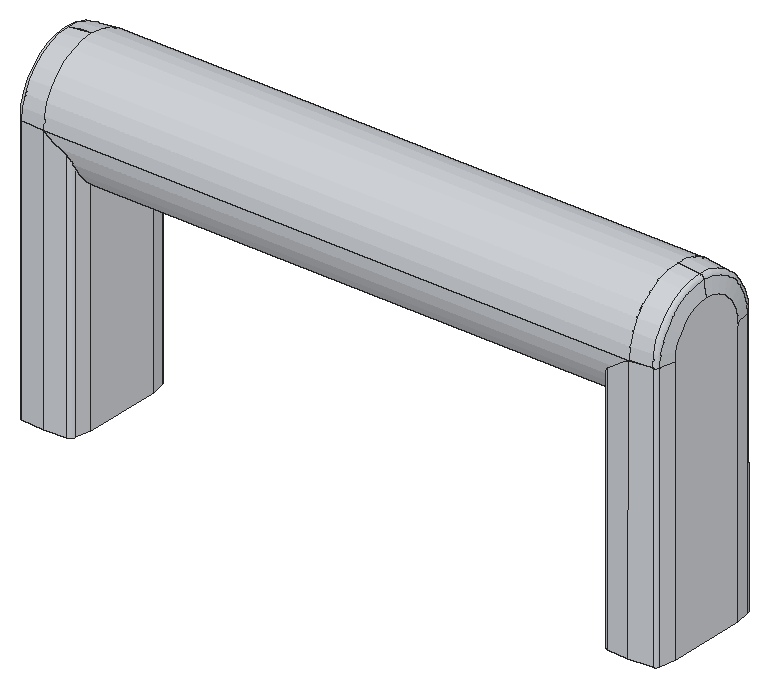
Revit family "Accessory-Cabinet_Pull-KOHLER-Components-K-78386", category Specialty Equipment, host Face, Revit 2015
Parameters (values of type "CP-Polished Chrome")
  Width = 1 11/16"  # constant formula
  URL = "https://www.us.kohler.com/us/"
  Type = 1
  Product Page URL = "http://www.us.kohler.com/us/catalog/productDetails.jsp?productNumber=78386"
  Product Name = "Components"  # constant formula
  Product Documentation Link = "http://www.us.kohler.com/onlinecatalog/pdf/K-78386_spec.pdf"
  Model = if(Type = 1, "K-78386-CP", if(Type = 2, "K-78386-BL", "NA"))  # "K-78386-CP"
  Material = "Premium Metal Construction"  # constant formula
  MasterFormat 2004 = "10.28.13"  # constant formula
  MasterFormat 1995 = "10820"  # constant formula
  Manufacturer Address = "444 Highland Dr, Kohler, WI 53044"  # constant formula
  Manufacturer = "KOHLER Co."  # constant formula
  Length = 3 5/16"  # constant formula
  Height = 5/8"  # constant formula
  Finish = Kohler-Metal-CP-Polished_Chrome
  Environmental Product Declaration = ""
  Description = "Drawer pull"  # constant formula
  Default Elevation = 42"
  Declare Label = ""
  Date Modified = "10/23/2018"  # constant formula
  Date Created = "10/23/2018"  # constant formula
  Copyright = "Copyright KOHLER Co."  # constant formula
  Contact Us = "https://www.us.kohler.com/us/static/contact.jsp"
  Assembly Code = "C1030200"
  ADA Compliant = 1 = 0  # no
Types (3): name | Type | Model | Finish
  (no name) | 1 | "K-78386-CP" | Kohler-Metal-CP-Polished_Chrome
  CP-Polished Chrome | 1 | "K-78386-CP" | Kohler-Metal-CP-Polished_Chrome
  BL-Matte Black | 2 | "K-78386-BL" | Kohler-Metal-BL-Matte_Black
Reference planes (in)
  plane 1 "Center (Front/Back)": y = 0
  plane 2: z = 0
  plane 3 "Center (Left/Right)": x = 0
  plane 4: y = 0.3125
  plane 5: y = -0.3125
  plane 6: z = 1.6875
  plane 7: x = -1.65625
  plane 8: x = 1.65625
Dimensions and locks (in)
  "Height": plane 4 to plane 5
  "Width": plane 6 to level
  "Length": plane 8 to plane 7
  aligned and locked: plane 2 to host face
  aligned and locked: level to host face
Automatic sketch dimensions
  host sketch curve to host sketch curve = 96"  (x2)
Nested families (in)
  nested 1: "K-78386" at (0, 0, 0), type "K-78386"
Definition of nested family "K-78386"
  Parameters (values of type "K-78386")
    Material = none
  Reference planes (in)
    plane 1 "Center (Front/Back)": y = 0
    plane 2: z = 0
    plane 3 "Center (Left/Right)": x = 0
    plane 4: y = 0.3125
    plane 5: x = 1.65625
    plane 6: y = -0.3125
    plane 7: x = -1.65625
    plane 8: z = 1.6875
    plane 9: x = -1.5
    plane 10: x = 1.5
    plane 11: z = 1.375
  Forms (in)
    Extrusion 1, solid, material <- "Material", detail levels medium+fine
      sketch origin (0, 0, 0) x (0, 1, 0) y (0, 0, 1)
        loop
          circle (0, 1.375) r 0.3125
      from -1.5 to 1.5
    Sweep 2, solid, material <- "Material", detail levels medium+fine
      path origin (0, 0, 0) x (0, 1, 0) y (0, 0, 1)
        loop
          line (0.3125, 0) -> (0.3125, 1.375)
          arc (0.3125, 1.375) -> (0.22097, 1.59597) -> (0, 1.6875) r 0.3125
          arc (0, 1.6875) -> (-0.22097, 1.59597) -> (-0.3125, 1.375) r 0.3125
          line (-0.3125, 1.375) -> (-0.3125, 0)
      profile origin (0, 0.3125, 0.6875) x (0, -1, 0) y (1, 0, 0)
        loop
          line (0.11069, -1.65625) -> (0.11069, -1.34719)
          arc (0.11069, -1.34719) -> (0.07303, -1.35377) -> (0.03558, -1.36149) r 1.25682
          arc (0.03558, -1.36149) -> (0.01863, -1.37105) -> (0.00986, -1.38842) r 0.03347
          arc (0.00986, -1.38842) -> (0.00257, -1.44404) -> (0, -1.5) r 0.66443
          arc (0, -1.5) -> (0.00255, -1.55987) -> (0.01064, -1.61925) r 0.64664
          arc (0.01064, -1.61925) -> (0.01811, -1.63356) -> (0.03236, -1.64116) r 0.02734
          line (0.03236, -1.64116) -> (0.11069, -1.65625)
    Extrusion 3, solid, material <- "Material", detail levels medium+fine
      sketch origin (0, 0, 0) x (0, 1, 0) y (0, 0, 1)
        loop
          arc (0.20181, 1.37473) -> (0, 1.57654) -> (-0.20181, 1.37473) r 0.20181
          line (-0.20181, 1.37473) -> (-0.20181, 0) -> (0.20181, 0) -> (0.20181, 1.37473)
      from -1.65625 to -1.34719
    Extrusion 4, solid, material <- "Material", detail levels medium+fine
      sketch origin (0, 0, 0) x (0, 1, 0) y (0, 0, -1)
        loop
          line (0.20181, -1.37473) -> (0.20181, 0) -> (-0.20181, 0) -> (-0.20181, -1.37473)
          arc (-0.20181, -1.37473) -> (0, -1.57654) -> (0.20181, -1.37473) r 0.20181
      from -1.65625 to -1.34719
    Extrusion 5, solid, material <- "Material", detail levels coarse
      sketch origin (0, 0, 0) x (1, 0, 0) y (0, 1, 0)
        loop
          line (-1.65625, 0.3125) -> (-1.65625, -0.3125) -> (-1.34313, -0.3125) -> (-1.34313, 0.3125) -> (-1.65625, 0.3125)
        loop
          line (1.65625, 0.3125) -> (1.34313, 0.3125) -> (1.34313, -0.3125) -> (1.65625, -0.3125) -> (1.65625, 0.3125)
      from 0 to 1.6875
    Extrusion 6, solid, material <- "Material", detail levels coarse
      sketch origin (0, 0, 0) x (0, 1, 0) y (0, 0, 1)
        loop
          line (0.3125, 1.6875) -> (-0.3125, 1.6875) -> (-0.3125, 1.152) -> (0.3125, 1.152) -> (0.3125, 1.6875)
      from -1.65625 to 1.65625
    Sweep 7, solid, material <- "Material", detail levels medium+fine
      path origin (0, 0, 0) x (0, 1, 0) y (0, 0, -1)
        loop
          line (0.3125, 0) -> (0.3125, -1.375)
          arc (0.3125, -1.375) -> (0.22097, -1.59597) -> (0, -1.6875) r 0.3125
          arc (0, -1.6875) -> (-0.22097, -1.59597) -> (-0.3125, -1.375) r 0.3125
          line (-0.3125, -1.375) -> (-0.3125, 0)
      profile origin (0, 0.3125, 0.6875) x (0, 1, 0) y (-1, 0, 0)
        loop
          line (-0.11069, -1.65625) -> (-0.03236, -1.64116)
          arc (-0.03236, -1.64116) -> (-0.01811, -1.63356) -> (-0.01064, -1.61925) r 0.02734
          arc (-0.01064, -1.61925) -> (-0.00255, -1.55987) -> (0, -1.5) r 0.64664
          arc (0, -1.5) -> (-0.00257, -1.44404) -> (-0.00986, -1.38842) r 0.66443
          arc (-0.00986, -1.38842) -> (-0.01863, -1.37105) -> (-0.03558, -1.36149) r 0.03347
          arc (-0.03558, -1.36149) -> (-0.07303, -1.35377) -> (-0.11069, -1.34719) r 1.25682
          line (-0.11069, -1.34719) -> (-0.11069, -1.65625)
  Cuts and joins
    joined: Extrusion 5, Extrusion 6
    joined: Extrusion 1, Sweep 2, Extrusion 3, Extrusion 4, Sweep 7
  Lines and regions (in)
    Masking region 1
      outline origin (0, 0, 0) x (1, 0, 0) y (0, 1, 0)
        loop
          line (-1.65625, 0.3125) -> (-1.65625, -0.3125) -> (1.65625, -0.3125) -> (1.65625, 0.3125) -> (-1.65625, 0.3125)
    Masking region 2
      outline origin (0, 0, 0) x (1, 0, 0) y (0, 0, 1)
        loop
          line (-1.65625, 1.57654) -> (-1.65625, 0) -> (-1.34719, 0) -> (-1.34719, 1.07479) -> (1.34719, 1.07479) -> (1.34719, 0) -> (1.65625, 0) -> (1.65625, 1.57654) -> (1.64093, 1.65536)
          arc (1.64093, 1.65536) -> (1.6332, 1.66972) -> (1.6187, 1.67718) r 0.02747
          arc (1.6187, 1.67718) -> (1.49981, 1.6875) -> (1.38091, 1.67719) r 0.69026
          line (1.38091, 1.67719) -> (-1.38091, 1.67719)
          arc (-1.38091, 1.67719) -> (-1.49981, 1.6875) -> (-1.6187, 1.67718) r 0.69026
          arc (-1.6187, 1.67718) -> (-1.6332, 1.66972) -> (-1.64093, 1.65536) r 0.02747
          line (-1.64093, 1.65536) -> (-1.65625, 1.57654)
    Masking region 3
      outline origin (0, 0, 0) x (0, 1, 0) y (0, 0, 1)
        loop
          line (0.3125, 0) -> (0.3125, 1.37602)
          arc (0.3125, 1.37602) -> (0, 1.6875) -> (-0.31148, 1.37602) r 0.31148
          line (-0.31148, 1.37602) -> (-0.3125, 0) -> (0.3125, 0)
    symbolic lines, detail levels medium+fine
      curve 1: line (1.34719, 0, 1.07479) -> (1.34719, 0, 1.1364)
      curve 2: line (-1.34719, 0, 1.07479) -> (-1.34719, 0, 1.1364)
  Dimensions and locks (in)
    plane 6 to plane 4 = 5/8"
    plane 7 to plane 5 = 3 5/16"
    plane 8 to level = 1 11/16"
    aligned and locked: plane 2 to level
